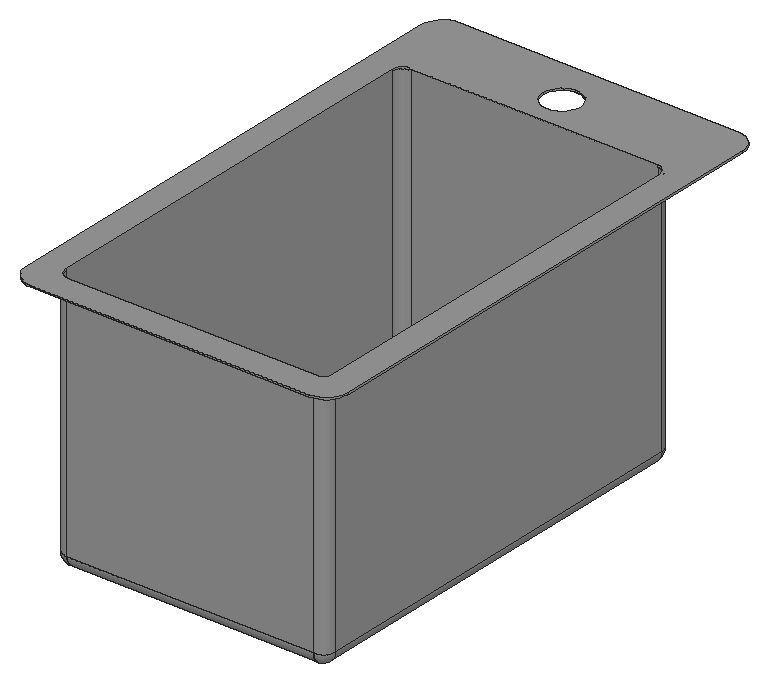
Revit family "BUILDMAT-SNGMTL021-Harper-300-Tap-Landing-Gunmetal", category Plumbing Fixtures, host Face, Revit 2026
Family settings
  Host = Face
  Round Connector Dimension = Use Diameter
  Part Type = Normal
  Enable Cutting in Views = No
  Cut with Voids When Loaded = No
  Maintain Annotation Orientation = No
  Shared = No
  Room Calculation Point = No
Parameters (values of type "Harper 300x500x250mm Brushed Gunmetal")
  Width = 250.0 mm
  Undermount [instance] = 0.0 mm
  URL = "https://www.buildmat.com.au/products/harper-300-single-bowl-tap-landing-sink"
  Model = "TLAN021"  # constant formula
  Manufacturer URL = "https://www.buildmat.com.au/"
  Manufacturer = "BUILDMAT"  # constant formula
  Length = 400.0 mm
  Description = "BUILDMAT - Harper 300x500 Single Bowl with Tap Landing Sink"  # constant formula
  Depth = 250.0 mm
  Default Elevation = 1219.2 mm
  Created By URL = "https://www.buildmat.com.au/"
  Created By = "BUILDMAT"  # constant formula
  Created = "22.06.2022"  # constant formula
  Material = BUILDMAT Gunmetal
Reference planes
  plane 1 "Center (Front/Back)": y = 0
  plane 2: z = 0
  plane 3 "Center (Left/Right)": x = 0
  plane 4 "Top Substrate": z = 0
  plane 5 "Left": x = -125
  plane 6 "Right": x = 125
  plane 7 "Back": y = 200
  plane 8 "Front": y = -200
  plane 9: x = -150
  plane 10: x = 150
  plane 11: y = -225
  plane 12: y = 275
  plane 13 "Bottom Void": z = -250
  plane 14: z = 1.5
  plane 15: x = -126.5
  plane 16: y = -201.5
  plane 17: x = 126.5
  plane 18: y = 201.5
  plane 19: z = -240
  plane 20: z = -230
  plane 21: x = -115
  plane 22: x = 115
  plane 23: y = -190
  plane 24: y = 190
  plane 25: z = -245
  plane 26: z = -241.5
  plane 27: z = -246.5
  plane 28: x = -100
  plane 29: x = 100
  plane 30 "Sound Pad": z = -130
  plane 31 "Front Bracket": y = -100
  plane 32 "Back Bracket": y = 100
  plane 33: x = -25
  plane 34: x = 25
  plane 35: x = -57
  plane 36: x = 57
  plane 37: x = -45
  plane 38: x = 45
  plane 39: y = 232
  plane 40: y = 251.5
  plane 41: x = -138.2
  plane 42: z = -15
  plane 43: x = 138.2
  plane 44: x = -136.7
  plane 45: x = 136.7
Forms (mm)
  Extrusion 1, void
    sketch origin (0, 0, 0) x (1, 0, 0) y (0, 1, 0)
      loop
        arc (-115, 200) -> (-122.071, 197.071) -> (-125, 190) r 10
        line (-125, 190) -> (-125, -190)
        arc (-125, -190) -> (-122.071, -197.071) -> (-115, -200) r 10
        line (-115, -200) -> (115, -200)
        arc (115, -200) -> (122.071, -197.071) -> (125, -190) r 10
        line (125, -190) -> (125, 190)
        arc (125, 190) -> (122.071, 197.071) -> (115, 200) r 10
        line (115, 200) -> (-115, 200)
    from 0 to 1.5
  Extrusion 2, void
    sketch origin (0, 0, 0) x (1, 0, 0) y (0, 1, 0)
      loop
        line (-126.5, 201.5) -> (-126.5, -201.5) -> (126.5, -201.5) -> (126.5, 201.5) -> (-126.5, 201.5)
    from 0 to -250
  Extrusion 3, void
    sketch origin (0, 0, 0) x (1, 0, 0) y (0, 1, 0)
      loop
        arc (-130, 275) -> (-144.142, 269.142) -> (-150, 255) r 20
        line (-150, 255) -> (-150, -205)
        arc (-150, -205) -> (-144.142, -219.142) -> (-130, -225) r 20
        line (-130, -225) -> (130, -225)
        arc (130, -225) -> (144.142, -219.142) -> (150, -205) r 20
        line (150, -205) -> (150, 255)
        arc (150, 255) -> (144.142, 269.142) -> (130, 275) r 20
        line (130, 275) -> (-130, 275)
    from 1.5 to 0
  Extrusion 4, solid, material "BUILDMAT Gunmetal" <- "Material"
    sketch origin (0, 0, 0) x (-1, 0, 0) y (0, -1, 0)
      loop
        arc (130, -275) -> (144.142, -269.142) -> (150, -255) r 20
        line (150, -255) -> (150, 205)
        arc (150, 205) -> (144.142, 219.142) -> (130, 225) r 20
        line (130, 225) -> (-130, 225)
        arc (-130, 225) -> (-144.142, 219.142) -> (-150, 205) r 20
        line (-150, 205) -> (-150, -255)
        arc (-150, -255) -> (-144.142, -269.142) -> (-130, -275) r 20
        line (-130, -275) -> (130, -275)
      loop
        arc (115, -200) -> (122.071, -197.071) -> (125, -190) r 10
        line (125, -190) -> (125, 190)
        arc (125, 190) -> (122.071, 197.071) -> (115, 200) r 10
        line (115, 200) -> (-115, 200)
        arc (-115, 200) -> (-122.071, 197.071) -> (-125, 190) r 10
        line (-125, 190) -> (-125, -190)
        arc (-125, -190) -> (-122.071, -197.071) -> (-115, -200) r 10
        line (-115, -200) -> (115, -200)
    from 0 to 1.5
  Extrusion 5, solid, material "BUILDMAT Gunmetal" <- "Material"
    sketch origin (0, 0, 0) x (-1, 0, 0) y (0, -1, 0)
      loop
        arc (115, -201.5) -> (123.132, -198.132) -> (126.5, -190) r 11.5
        line (126.5, -190) -> (126.5, 190)
        arc (126.5, 190) -> (123.132, 198.132) -> (115, 201.5) r 11.5
        line (115, 201.5) -> (-115, 201.5)
        arc (-115, 201.5) -> (-123.132, 198.132) -> (-126.5, 190) r 11.5
        line (-126.5, 190) -> (-126.5, -190)
        arc (-126.5, -190) -> (-123.132, -198.132) -> (-115, -201.5) r 11.5
        line (-115, -201.5) -> (115, -201.5)
      loop
        arc (-115, 200) -> (-122.071, 197.071) -> (-125, 190) r 10
        line (-125, 190) -> (-125, -190)
        arc (-125, -190) -> (-122.071, -197.071) -> (-115, -200) r 10
        line (-115, -200) -> (115, -200)
        arc (115, -200) -> (122.071, -197.071) -> (125, -190) r 10
        line (125, -190) -> (125, 190)
        arc (125, 190) -> (122.071, 197.071) -> (115, 200) r 10
        line (115, 200) -> (-115, 200)
    from 0 to -230
  Revolve 6, solid, material "BUILDMAT Gunmetal" <- "Material"
    sketch origin (-175.162, 190, 1219.2) x (-1, 0, 0) y (0, 0, 1)
      loop
        line (-300.162, -1449.2) -> (-301.662, -1449.2)
        arc (-301.662, -1449.2) -> (-298.293, -1457.332) -> (-290.162, -1460.7) r 11.5
        line (-290.162, -1460.7) -> (-290.162, -1459.2)
        arc (-290.162, -1459.2) -> (-297.233, -1456.271) -> (-300.162, -1449.2) r 10
      axis (-290.162, -1460.7) -> (-290.162, -1449.2)
    angle from 0 to -90
  Revolve 7, solid, material "BUILDMAT Gunmetal" <- "Material"
    sketch origin (-175.162, 190, 1219.2) x (-1, 0, 0) y (0, 0, 1)
      loop
        arc (-50.162, -1449.2) -> (-53.091, -1456.271) -> (-60.162, -1459.2) r 10
        line (-60.162, -1459.2) -> (-60.162, -1460.7)
        arc (-60.162, -1460.7) -> (-52.03, -1457.332) -> (-48.662, -1449.2) r 11.5
        line (-48.662, -1449.2) -> (-50.162, -1449.2)
      axis (-60.162, -1449.2) -> (-60.162, -1460.7)
    angle from 0 to -90
  Revolve 8, solid, material "BUILDMAT Gunmetal" <- "Material"
    sketch origin (-175.162, -190, 1219.2) x (-1, 0, 0) y (0, 0, 1)
      loop
        arc (-50.162, -1449.2) -> (-53.091, -1456.271) -> (-60.162, -1459.2) r 10
        line (-60.162, -1459.2) -> (-60.162, -1460.7)
        arc (-60.162, -1460.7) -> (-52.03, -1457.332) -> (-48.662, -1449.2) r 11.5
        line (-48.662, -1449.2) -> (-50.162, -1449.2)
      axis (-60.162, -1449.2) -> (-60.162, -1460.7)
    angle from 0 to 90
  Revolve 9, solid, material "BUILDMAT Gunmetal" <- "Material"
    sketch origin (-175.162, -190, 1219.2) x (-1, 0, 0) y (0, 0, 1)
      loop
        line (-300.162, -1449.2) -> (-301.662, -1449.2)
        arc (-301.662, -1449.2) -> (-298.293, -1457.332) -> (-290.162, -1460.7) r 11.5
        line (-290.162, -1460.7) -> (-290.162, -1459.2)
        arc (-290.162, -1459.2) -> (-297.233, -1456.271) -> (-300.162, -1449.2) r 10
      axis (-290.162, -1449.2) -> (-290.162, -1460.7)
    angle from 0 to 90
  Extrusion 10, solid, material "BUILDMAT Gunmetal" <- "Material"
    sketch origin (0, 0, 0) x (1, 0, 0) y (0, 0, 1)
      loop
        line (-125, -230) -> (-126.5, -230)
        arc (-126.5, -230) -> (-123.132, -238.132) -> (-115, -241.5) r 11.5
        line (-115, -241.5) -> (-115, -240)
        arc (-115, -240) -> (-122.071, -237.071) -> (-125, -230) r 10
    from -190 to 190
  Extrusion 11, solid, material "BUILDMAT Gunmetal" <- "Material"
    sketch origin (0, 0, 0) x (1, 0, 0) y (0, 0, 1)
      loop
        arc (125, -230) -> (122.071, -237.071) -> (115, -240) r 10
        line (115, -240) -> (115, -241.5)
        arc (115, -241.5) -> (123.132, -238.132) -> (126.5, -230) r 11.5
        line (126.5, -230) -> (125, -230)
    from -190 to 190
  Extrusion 12, solid, material "BUILDMAT Gunmetal" <- "Material"
    sketch origin (0, 0, 0) x (0, 1, 0) y (0, 0, 1)
      loop
        arc (200, -230) -> (197.071, -237.071) -> (190, -240) r 10
        line (190, -240) -> (190, -241.5)
        arc (190, -241.5) -> (198.132, -238.132) -> (201.5, -230) r 11.5
        line (201.5, -230) -> (200, -230)
    from -115 to 115
  Extrusion 13, solid, material "BUILDMAT Gunmetal" <- "Material"
    sketch origin (0, 0, 0) x (0, 1, 0) y (0, 0, 1)
      loop
        line (-200, -230) -> (-201.5, -230)
        arc (-201.5, -230) -> (-198.132, -238.132) -> (-190, -241.5) r 11.5
        line (-190, -241.5) -> (-190, -240)
        arc (-190, -240) -> (-197.071, -237.071) -> (-200, -230) r 10
    from -115 to 115
  Revolve 14, solid, material "BUILDMAT Gunmetal" <- "Material"
    sketch origin (0, 0, 0) x (1, 0, 0) y (0, 0, 1)
      loop
        line (-45, -250) -> (-45, -248.5)
        spline (-45, -248.5) -> (-46.484, -248.459) -> (-47.939, -248.339) -> (-49.337, -248.141) -> (-50.649, -247.871) -> (-51.848, -247.537) -> (-52.908, -247.151) -> (-53.805, -246.726) -> (-54.514, -246.283) -> (-55.023, -245.856) -> (-55.329, -245.483) -> (-55.468, -245.202) -> (-55.5, -245)
        line (-55.5, -245) -> (-57, -245)
        spline (-57, -245) -> (-56.897, -245.653) -> (-56.591, -246.294) -> (-56.087, -246.913) -> (-55.392, -247.5) -> (-54.52, -248.044) -> (-53.485, -248.536) -> (-52.305, -248.967) -> (-51, -249.33) -> (-49.592, -249.619) -> (-48.106, -249.83) -> (-46.566, -249.957) -> (-45, -250)
      axis (0, -245) -> (0, -250)
    angle from 0 to 360
  Blend 15, solid, material "BUILDMAT Gunmetal" <- "Material"
    base sketch origin (0, 0, 0) x (-1, 0, 0) y (0, -1, 0)
      loop
        circle (0, 0) r 57
    top sketch origin (0, 0, 0) x (-1, 0, 0) y (0, -1, 0)
      loop
        line (115, -190) -> (115, 190) -> (-115, 190) -> (-115, -190) -> (115, -190)
    from -246.5 to -241.5
  Blend 16, void
    base sketch origin (0, 0, 0) x (-1, 0, 0) y (0, -1, 0)
      loop
        circle (0, 0) r 57
    top sketch origin (0, 0, 0) x (-1, 0, 0) y (0, -1, 0)
      loop
        line (115, -190) -> (115, 190) -> (-115, 190) -> (-115, -190) -> (115, -190)
    from -245 to -240
  Extrusion 17, solid, material "BUILDMAT Gunmetal" <- "Material"
    sketch origin (0, 0, 0) x (-1, 0, 0) y (0, -1, 0)
      loop
        line (115, -190) -> (115, 190) -> (-115, 190) -> (-115, -190) -> (115, -190)
    from -241.5 to -240
  Extrusion 18, void
    sketch origin (0, 0, 0) x (-1, 0, 0) y (0, -1, 0)
      loop
        circle (0, 0) r 57
    from -250 to -230
  Extrusion 19, void
    sketch origin (0, 0, 0) x (-1, 0, 0) y (0, -1, 0)
      loop
        circle (0, -232) r 17.5
    from 0 to 100
Cuts and joins
  Extrusion 19 cuts Extrusion 4
  Extrusion 19 cuts Extrusion 5
  joined: Extrusion 4, Extrusion 5
  joined: Revolve 6, Revolve 9
  joined: Revolve 7, Revolve 8
  Blend 16, Extrusion 18 cuts Blend 15
  Blend 16, Extrusion 18 cuts Extrusion 17
  joined: Blend 15, Extrusion 17
Lines and regions (mm)
  Masking region 1
    outline origin (0, 0, 0) x (1, 0, 0) y (0, 0, 1)
      loop
        line (125, 0) -> (-125, 0) -> (-125, -230)
        arc (-125, -230) -> (-122.071, -237.071) -> (-115, -240) r 10
        line (-115, -240) -> (-57, -245) -> (57, -245) -> (115, -240)
        arc (115, -240) -> (122.071, -237.071) -> (125, -230) r 10
        line (125, -230) -> (125, 0)
  Masking region 2
    outline origin (0, 0, 0) x (1, 0, 0) y (0, 0, 1)
      loop
        line (-100, -242.793) -> (-100, -250) -> (-57, -250) -> (-57, -246.5) -> (-100, -242.793)
  Masking region 3
    outline origin (0, 0, 0) x (1, 0, 0) y (0, 0, 1)
      loop
        line (57, -246.5) -> (57, -250) -> (100, -250) -> (100, -242.793) -> (57, -246.5)
  Masking region 4
    outline origin (0, 0, 0) x (1, 0, 0) y (0, 0, 1)
      loop
        line (-138.2, 0) -> (-138.2, -15) -> (-136.7, -15) -> (-136.7, 0) -> (-138.2, 0)
  Masking region 5
    outline origin (0, 0, 0) x (1, 0, 0) y (0, 0, 1)
      loop
        line (136.7, 0) -> (136.7, -15) -> (138.2, -15) -> (138.2, 0) -> (136.7, 0)
Text (mm)
  text "Refer to www.buildmat.com.au for the most current product literature. \nAllow a +/- 5mm tolerance for dimensions shown in the product literature. \nPlease note product details are subject to change due to ongoing product development." at (0.056, -1035.857, 0), in view "Ref. Level"
Dimensions and locks
  "Undermount": plane 2 to plane 4 "Top Substrate"
  equal spacing: plane 5 "Left", plane 3 "Center (Left/Right)", plane 6 "Right"
  "Width": plane 5 "Left" to plane 6 "Right"
  "Length": plane 7 "Back" to plane 8 "Front"
  equal spacing: plane 7 "Back", plane 1 "Center (Front/Back)", plane 8 "Front"
  locked: plane 12 to plane 7 "Back" at 75
  locked: plane 8 "Front" to plane 11 at 25
  locked: plane 9 to plane 5 "Left" at 25
  locked: plane 6 "Right" to plane 10 at 25
  "Depth": plane 4 "Top Substrate" to plane 13 "Bottom Void"
  locked: plane 14 to plane 4 "Top Substrate" at 1.5
  locked: plane 18 to plane 7 "Back" at 1.5
  locked: plane 8 "Front" to plane 16 at 1.5
  plane 15 to plane 5 "Left" = 1.5 mm
  plane 6 "Right" to plane 17 = 1.5 mm
  plane 20 to plane 19 to plane 13 "Bottom Void" = 10.0 mm, 10.0 mm
  locked: plane 5 "Left" to plane 21 at 10
  locked: plane 22 to plane 6 "Right" at 10
  locked: plane 7 "Back" to plane 24 at 10
  locked: plane 23 to plane 8 "Front" at 10
  locked: plane 19 to plane 26 at 1.5
  locked: plane 25 to plane 13 "Bottom Void" at 5
  locked: plane 25 to plane 27 at 1.5
  plane 29 to plane 3 "Center (Left/Right)" to plane 28 = 100.0 mm locked, 100.0 mm locked
  locked: plane 30 "Sound Pad" to plane 13 "Bottom Void" at 120
  locked: plane 7 "Back" to plane 32 "Back Bracket" at 100
  locked: plane 31 "Front Bracket" to plane 8 "Front" at 100
  locked: plane 33 to plane 5 "Left" at 100
  locked: plane 6 "Right" to plane 34 at 100
  plane 37 to plane 3 "Center (Left/Right)" to plane 38 = 45.0 mm locked, 45.0 mm locked
  plane 35 to plane 3 "Center (Left/Right)" to plane 36 = 57.0 mm locked, 57.0 mm locked
  locked: plane 12 to plane 39 at 43
  locked: plane 40 to plane 18 at 50
  plane 44 to plane 41 to plane 9 = 1.5 mm locked, 11.8 mm locked
  plane 10 to plane 43 to plane 45 = 11.8 mm locked, 1.5 mm locked
  locked: plane 4 "Top Substrate" to plane 42 at 15
  aligned and locked: plane 2 to host face
  aligned and locked: level to host face
  aligned and locked: plane 8 "Front" to Extrusion 1 sketch curve
  aligned and locked: Extrusion 1 sketch curve to plane 7 "Back"
  aligned and locked: plane 5 "Left" to Extrusion 1 sketch curve
  aligned and locked: Extrusion 1 sketch curve to plane 6 "Right"
  aligned and locked: plane 2 to Extrusion 1
  aligned and locked: Extrusion 1 to plane 14
  aligned and locked: plane 16 to Extrusion 2 sketch curve
  aligned and locked: Extrusion 2 sketch curve to plane 18
  aligned and locked: plane 15 to Extrusion 2 sketch curve
  aligned and locked: plane 17 to Extrusion 2 sketch curve
  aligned and locked: Extrusion 2 to plane 13 "Bottom Void"
  aligned and locked: plane 4 "Top Substrate" to Extrusion 2
  aligned and locked: plane 11 to Extrusion 3 sketch curve
  aligned and locked: plane 9 to Extrusion 3 sketch curve
  aligned and locked: Extrusion 3 sketch curve to plane 10
  aligned and locked: Extrusion 3 sketch curve to plane 12
  aligned and locked: Extrusion 3 to plane 4 "Top Substrate"
  aligned and locked: plane 14 to Extrusion 3
  aligned and locked: plane 11 to Extrusion 4 sketch curve
  aligned and locked: Extrusion 4 sketch curve to plane 12
  aligned and locked: plane 9 to Extrusion 4 sketch curve
  aligned and locked: Extrusion 4 sketch curve to plane 10
  aligned and locked: plane 5 "Left" to Extrusion 4 sketch curve
  aligned and locked: Extrusion 4 sketch curve to plane 6 "Right"
  aligned and locked: Extrusion 4 sketch curve to plane 7 "Back"
  aligned and locked: plane 8 "Front" to Extrusion 4 sketch curve
  aligned and locked: Extrusion 5 sketch curve to plane 7 "Back"
  aligned and locked: plane 5 "Left" to Extrusion 5 sketch curve
  aligned and locked: Extrusion 5 sketch curve to plane 6 "Right"
  aligned and locked: plane 8 "Front" to Extrusion 5 sketch curve
  aligned and locked: plane 15 to Extrusion 5 sketch curve
  aligned and locked: plane 16 to Extrusion 5 sketch curve
  aligned and locked: plane 17 to Extrusion 5 sketch curve
  aligned and locked: Extrusion 5 sketch curve to plane 18
  aligned and locked: Extrusion 5 to plane 20
  aligned and locked: plane 4 "Top Substrate" to Extrusion 5
  aligned and locked: Extrusion 11 to plane 23
  aligned and locked: plane 24 to Extrusion 11
  aligned and locked: plane 24 to Extrusion 10
  aligned and locked: Extrusion 10 to plane 23
  aligned and locked: Extrusion 13 to plane 21
  aligned and locked: plane 22 to Extrusion 13
  aligned and locked: plane 22 to Extrusion 12
  aligned and locked: Extrusion 12 to plane 21
  aligned and locked: plane 21 to Blend 15 sketch curve
  aligned and locked: Blend 15 sketch curve to plane 22
  aligned and locked: plane 23 to Blend 15 sketch curve
  aligned and locked: Blend 15 sketch curve to plane 24
  aligned and locked: plane 27 to Blend 15
  aligned and locked: plane 26 to Blend 15
  aligned and locked: Blend 16 sketch curve to plane 24
  aligned and locked: plane 21 to Blend 16 sketch curve
  aligned and locked: Blend 16 sketch curve to plane 22
  aligned and locked: plane 23 to Blend 16 sketch curve
  aligned and locked: Blend 16 to plane 25
  aligned and locked: plane 19 to Blend 16
  aligned and locked: Extrusion 17 sketch curve to plane 24
  aligned and locked: plane 23 to Extrusion 17 sketch curve
  aligned and locked: plane 21 to Extrusion 17 sketch curve
  aligned and locked: Extrusion 17 sketch curve to plane 22
  aligned and locked: Extrusion 17 to plane 26
  aligned and locked: plane 19 to Extrusion 17
  aligned and locked: Extrusion 18 to plane 13 "Bottom Void"
  aligned and locked: plane 20 to Extrusion 18
  aligned and locked: cut or joined group of Blend 15, Blend 16, Extrusion 17, Extrusion 18 to Masking region 2 sketch curve
  aligned and locked: Masking region 3 sketch curve to cut or joined group of Blend 15, Blend 16, Extrusion 17, Extrusion 18
  aligned and locked: plane 3 "Center (Left/Right)" to nested 1
  aligned and locked: nested 1 to plane 30 "Sound Pad"
  aligned and locked: plane 31 "Front Bracket" to nested 3
  aligned and locked: plane 15 to nested 3
  aligned and locked: nested 5 to plane 31 "Front Bracket"
  aligned and locked: plane 17 to nested 5
  aligned and locked: nested 4 to plane 32 "Back Bracket"
  aligned and locked: plane 17 to nested 4
  aligned and locked: plane 32 "Back Bracket" to nested 2
  aligned and locked: plane 15 to nested 2
  aligned and locked: nested 6 to plane 4 "Top Substrate"
  aligned and locked: nested 6 to plane 33
  aligned and locked: nested 7 to plane 4 "Top Substrate"
  aligned and locked: nested 7 to plane 34
  aligned and locked: nested 10 to plane 33
  aligned and locked: nested 11 to plane 34
  aligned and locked: plane 16 to nested 10
  aligned and locked: plane 16 to nested 11
  aligned and locked: plane 33 to nested 8
  aligned and locked: plane 34 to nested 9
  aligned and locked: plane 23 to nested 12
  aligned and locked: plane 24 to nested 12
  aligned and locked: plane 22 to nested 12
  aligned and locked: plane 21 to nested 12
  aligned and locked: plane 3 "Center (Left/Right)" to nested 13
  aligned and locked: plane 1 "Center (Front/Back)" to nested 13
  aligned and locked: plane 4 "Top Substrate" to Masking region 1
  aligned and locked: nested 9 to plane 40
  aligned and locked: nested 8 to plane 40
  aligned and locked: Extrusion 19 to plane 4 "Top Substrate"
  aligned and locked: Masking region 4 sketch curve to plane 4 "Top Substrate"
  aligned and locked: Masking region 4 sketch curve to plane 42
  aligned and locked: Masking region 4 sketch curve to plane 41
  aligned and locked: Masking region 4 sketch curve to plane 44
  aligned and locked: Masking region 5 sketch curve to plane 4 "Top Substrate"
  aligned and locked: Masking region 5 sketch curve to plane 42
  aligned and locked: Masking region 5 sketch curve to plane 43
  aligned and locked: Masking region 5 sketch curve to plane 45
Automatic sketch dimensions
  host sketch curve to host sketch curve = 2438.4 mm  (x2)
  plane 5 "Left" to Extrusion 1 sketch curve = 10.0 mm  (x2)
  Extrusion 1 sketch curve to plane 6 "Right" = 10.0 mm  (x2)
  Extrusion 4 sketch curve to plane 10 = 20.0 mm  (x2)
  Extrusion 4 sketch curve to Extrusion 4 sketch curve = 10.0 mm  (x2)
  plane 5 "Left" to Extrusion 4 sketch curve = 10.0 mm
  plane 9 to Extrusion 4 sketch curve = 20.0 mm
  plane 8 "Front" to Extrusion 4 sketch curve = 10.0 mm
  plane 11 to Extrusion 4 sketch curve = 20.0 mm
  Extrusion 3 sketch curve to plane 5 "Left" = 5.0 mm
  plane 6 "Right" to Extrusion 3 sketch curve = 5.0 mm  (x2)
  plane 7 "Back" to Extrusion 3 sketch curve = 55.0 mm
  plane 5 "Left" to Extrusion 5 sketch curve = 10.0 mm
  Extrusion 5 sketch curve to plane 6 "Right" = 10.0 mm
  plane 8 "Front" to Extrusion 5 sketch curve = 10.0 mm
  Extrusion 5 sketch curve to plane 7 "Back" = 10.0 mm
  Extrusion 5 sketch curve to Extrusion 5 sketch curve = 0.0 mm  (x4)
  Revolve 6 sketch curve to Revolve 6 sketch curve = 0.0 mm  (x3)
  plane 17 to Revolve 6 sketch curve = 0.0 mm
  Revolve 6 sketch curve to plane 6 "Right" = 0.0 mm
  Revolve 6 sketch curve to plane 22 = 0.0 mm  (x2)
  Revolve 6 sketch curve to plane 19 = 0.0 mm
  Revolve 6 sketch curve to plane 20 = 0.0 mm
  Revolve 7 sketch curve to Revolve 7 sketch curve = 0.0 mm  (x3)
  Revolve 7 sketch curve to plane 20 = 0.0 mm  (x2)
  Revolve 7 sketch curve to plane 21 = 0.0 mm  (x2)
  Revolve 7 sketch curve to plane 5 "Left" = 0.0 mm
  Revolve 7 sketch curve to plane 15 = 0.0 mm
  Revolve 8 sketch curve to Revolve 8 sketch curve = 0.0 mm  (x3)
  Revolve 8 sketch curve to plane 20 = 0.0 mm  (x2)
  Revolve 8 sketch curve to plane 21 = 0.0 mm  (x2)
  Revolve 8 sketch curve to plane 5 "Left" = 0.0 mm
  Revolve 8 sketch curve to plane 15 = 0.0 mm
  Revolve 9 sketch curve to Revolve 9 sketch curve = 0.0 mm  (x3)
  plane 17 to Revolve 9 sketch curve = 0.0 mm
  Revolve 9 sketch curve to plane 6 "Right" = 0.0 mm
  Revolve 9 sketch curve to plane 22 = 0.0 mm  (x2)
  Revolve 9 sketch curve to plane 20 = 0.0 mm
  Revolve 9 sketch curve to plane 19 = 0.0 mm
  Extrusion 10 sketch curve to plane 15 = 0.0 mm
  Extrusion 10 sketch curve to plane 5 "Left" = 0.0 mm
  Extrusion 10 sketch curve to plane 19 = 0.0 mm
  Extrusion 10 sketch curve to plane 21 = 0.0 mm
  Extrusion 11 sketch curve to plane 20 = 0.0 mm
  Extrusion 11 sketch curve to plane 22 = 0.0 mm
  Extrusion 11 sketch curve to plane 6 "Right" = 0.0 mm
  plane 17 to Extrusion 11 sketch curve = 0.0 mm
  Extrusion 12 sketch curve to plane 20 = 0.0 mm
  Extrusion 12 sketch curve to plane 24 = 0.0 mm
  Extrusion 12 sketch curve to plane 7 "Back" = 0.0 mm
  Extrusion 12 sketch curve to plane 18 = 0.0 mm
  Extrusion 13 sketch curve to plane 16 = 0.0 mm
  Extrusion 13 sketch curve to plane 8 "Front" = 0.0 mm
  Extrusion 13 sketch curve to plane 23 = 0.0 mm
  Extrusion 13 sketch curve to plane 19 = 0.0 mm
  Revolve 14 sketch curve to plane 25 = 0.0 mm
  Revolve 14 sketch curve to plane 13 "Bottom Void" = 0.0 mm  (x2)
  Revolve 14 sketch curve to plane 3 "Center (Left/Right)" = 0.0 mm
  Revolve 14 sketch curve to plane 20 = 0.0 mm
  Revolve 14 sketch curve to plane 3 "Center (Left/Right)" = 45.0 mm
  Revolve 14 sketch curve to Revolve 14 sketch curve = 10.5 mm
  Revolve 14 sketch curve to Revolve 14 sketch curve = 1.5 mm  (x2)
  Revolve 14 sketch curve to Revolve 14 sketch curve = 0.0 mm
  plane 1 "Center (Front/Back)" to Blend 15 sketch curve = 0.0 mm
  Blend 15 sketch curve to plane 3 "Center (Left/Right)" = 0.0 mm
  plane 1 "Center (Front/Back)" to Blend 16 sketch curve = 0.0 mm
  Blend 16 sketch curve to plane 3 "Center (Left/Right)" = 0.0 mm
  plane 1 "Center (Front/Back)" to Extrusion 18 sketch curve = 0.0 mm
  Extrusion 18 sketch curve to plane 3 "Center (Left/Right)" = 0.0 mm
  Masking region 1 sketch curve to level = 0.0 mm
  Masking region 1 sketch curve to plane 20 = 0.0 mm
  Masking region 1 sketch curve to plane 21 = 0.0 mm
  Masking region 1 sketch curve to plane 25 = 0.0 mm
  Masking region 1 sketch curve to plane 3 "Center (Left/Right)" = 57.0 mm
  plane 3 "Center (Left/Right)" to Masking region 1 sketch curve = 57.0 mm
  Masking region 1 sketch curve to plane 19 = 0.0 mm
  Masking region 1 sketch curve to plane 22 = 0.0 mm
  Masking region 1 sketch curve to plane 6 "Right" = 0.0 mm
  Masking region 1 sketch curve to plane 5 "Left" = 0.0 mm
  Masking region 2 sketch curve to plane 28 = 0.0 mm
  Masking region 2 sketch curve to plane 13 "Bottom Void" = 0.0 mm
  Masking region 2 sketch curve to plane 27 = 0.0 mm
  Masking region 3 sketch curve to plane 27 = 0.0 mm
  Masking region 3 sketch curve to plane 13 "Bottom Void" = 0.0 mm
  Masking region 3 sketch curve to plane 29 = 0.0 mm
  Extrusion 19 sketch curve to plane 3 "Center (Left/Right)" = 0.0 mm
  Extrusion 19 sketch curve to plane 39 = 0.0 mm
  radius of Blend 15 sketch curve = 57.0 mm
  radius of Blend 16 sketch curve = 57.0 mm
  radius of Extrusion 18 sketch curve = 57.0 mm
  radius of Extrusion 19 sketch curve = 17.5 mm
Nested families
  nested 1: "SP_Front" at (0, 0, -130) x (1, 0, 0) z (0, -1, 0), type "SP_Front", not visible
  nested 2: "TMB_Plan" at (-126.5, 100, 0) x (0, 1, 0) z (0, 0, 1), type "TMB_Plan"
  nested 3: "TMB_Plan" at (-126.5, -100, 0) x (0, 1, 0) z (0, 0, 1), type "TMB_Plan"
  nested 4: "TMB_Plan" at (126.5, 100, 0) x (0, -1, 0) z (0, 0, 1), type "TMB_Plan"
  nested 5: "TMB_Plan" at (126.5, -100, 0) x (0, -1, 0) z (0, 0, 1), type "TMB_Plan"
  nested 6: "TMB_Front" at (-25, 0, 0) x (1, 0, 0) z (0, -1, 0), type "TMB_Front"
  nested 7: "TMB_Front" at (25, 0, 0) x (1, 0, 0) z (0, -1, 0), type "TMB_Front"
  nested 8: "TMB_Plan" at (-25, 251.5, 0), type "TMB_Plan"
  nested 9: "TMB_Plan" at (25, 251.5, 0), type "TMB_Plan"
  nested 10: "TMB_Plan" at (-25, -201.5, 0) x (-1, 0, 0) z (0, 0, 1), type "TMB_Plan"
  nested 11: "TMB_Plan" at (25, -201.5, 0) x (-1, 0, 0) z (0, 0, 1), type "TMB_Plan"
  nested 12: "BOWL Plan" at (0, 0, -130), type "BOWL Plan"
    with Width 230.0 mm, Lenght 380.0 mm
  nested 13: "DRAIN" at (0, 0, 0), type "DRAIN"
Definition of nested family "SP_Front"
  Reference planes
    plane 1 "Center (Elevation)": y = 0
    plane 2: z = 0
    plane 3 "Center (Left/Right)": x = 0
  Lines and regions (mm)
    Masking region 1, in view "Ref. Level"
      outline origin (0, 0, 0) x (1, 0, 0) y (0, 1, 0)
        loop
          arc (-50, 40) -> (-57.071, 37.071) -> (-60, 30) r 10
          line (-60, 30) -> (-60, -30)
          arc (-60, -30) -> (-57.071, -37.071) -> (-50, -40) r 10
          line (-50, -40) -> (50, -40)
          arc (50, -40) -> (57.071, -37.071) -> (60, -30) r 10
          line (60, -30) -> (60, 30)
          arc (60, 30) -> (57.071, 37.071) -> (50, 40) r 10
          line (50, 40) -> (-50, 40)
    detail lines, in view "Ref. Level"
      curve 1: line (-50, 40, 0) -> (50, 40, 0)
      curve 2: line (50, -40, 0) -> (-50, -40, 0)
      curve 3: line (60, 30, 0) -> (60, -30, 0)
      curve 4: line (-60, 30, 0) -> (-60, -30, 0)
      curve 5: arc (-50, 40, 0) -> (-57.071, 37.071, 0) -> (-60, 30, 0) r 10
      curve 6: arc (-60, -30, 0) -> (-57.071, -37.071, 0) -> (-50, -40, 0) r 10
      curve 7: arc (50, -40, 0) -> (57.071, -37.071, 0) -> (60, -30, 0) r 10
      curve 8: arc (60, 30, 0) -> (57.071, 37.071, 0) -> (50, 40, 0) r 10
  Dimensions and locks
    aligned and locked: Masking region 1 sketch curve to curve 1
    aligned and locked: Masking region 1 sketch curve to curve 4
    aligned and locked: Masking region 1 sketch curve to curve 2
    aligned and locked: Masking region 1 sketch curve to curve 3
Definition of nested family "TMB_Plan"
  Reference planes
    plane 1 "Center (Front/Back)": y = 0
    plane 2: z = 0
    plane 3 "Center (Left/Right)": x = 0
  Lines and regions (mm)
    detail lines, in view "Ref. Level"
      curve 1: line (-17.5, 0, 0) -> (17.5, 0, 0)
      curve 2: line (17.5, 0, 0) -> (17.5, 5, 0)
      curve 3: line (17.5, 5, 0) -> (12.5, 5, 0)
      curve 4: line (-17.5, 0, 0) -> (-17.5, 5, 0)
      curve 5: line (-17.5, 5, 0) -> (-12.5, 5, 0)
Definition of nested family "TMB_Front"
  Reference planes
    plane 1 "Center (Elevation)": y = 0
    plane 2: z = 0
    plane 3 "Center (Left/Right)": x = 0
  Lines and regions (mm)
    Masking region 1, in view "Ref. Level"
      outline origin (0, 0, 0) x (1, 0, 0) y (0, 1, 0)
        loop
          line (-17.5, 0) -> (-17.5, -80) -> (17.5, -80) -> (17.5, 0) -> (-17.5, 0)
    detail lines, in view "Ref. Level"
      curve 1: line (-17.5, 0, 0) -> (-17.5, -80, 0)
      curve 2: line (-17.5, -80, 0) -> (17.5, -80, 0)
      curve 3: line (17.5, -80, 0) -> (17.5, 0, 0)
      curve 4: line (-12.5, -50, 0) -> (12.5, -50, 0)
      curve 5: line (-12.5, -75, 0) -> (-12.5, -50, 0)
      curve 6: line (12.5, -75, 0) -> (-12.5, -75, 0)
      curve 7: line (12.5, -50, 0) -> (12.5, -75, 0)
Definition of nested family "BOWL Plan"
  Parameters (values of type "BOWL Plan")
    Width [instance] = 600.0 mm
    Lenght [instance] = 400.0 mm
  Reference planes
    plane 1 "Center (Front/Back)": y = 0
    plane 2: z = 0
    plane 3 "Center (Left/Right)": x = 0
    plane 4 "Left": x = -300
    plane 5 "Right": x = 300
    plane 6 "Back": y = 200
    plane 7 "Front": y = -200
  Lines and regions (mm)
    Masking region 1, in view "Ref. Level"
      outline origin (0, 0, 0) x (1, 0, 0) y (0, 1, 0)
        loop
          line (-300, 200) -> (-300, -200) -> (300, -200) -> (300, 200) -> (-300, 200)
    detail lines, in view "Ref. Level"
      curve 1: line (-300, 200, 0) -> (300, -200, 0)
      curve 2: line (-300, -200, 0) -> (300, 200, 0)
  Dimensions and locks
    equal spacing: plane 6 "Back", plane 1 "Center (Front/Back)", plane 7 "Front"
    "Lenght": plane 6 "Back" to plane 7 "Front"
    equal spacing: plane 4 "Left", plane 3 "Center (Left/Right)", plane 5 "Right"
    "Width": plane 4 "Left" to plane 5 "Right"
    aligned and locked: plane 4 "Left" to Masking region 1 sketch curve
    aligned and locked: Masking region 1 sketch curve to plane 5 "Right"
    aligned and locked: plane 7 "Front" to Masking region 1 sketch curve
    aligned and locked: Masking region 1 sketch curve to plane 6 "Back"
  Automatic sketch dimensions
    curve 2 to plane 4 "Left" = 0.0 mm
    curve 1 to plane 4 "Left" = 0.0 mm
    curve 2 to plane 5 "Right" = 0.0 mm
    curve 1 to plane 5 "Right" = 0.0 mm
    curve 1 to plane 7 "Front" = 0.0 mm
    curve 2 to plane 7 "Front" = 0.0 mm
    curve 2 to plane 6 "Back" = 0.0 mm
    curve 1 to plane 6 "Back" = 0.0 mm
Definition of nested family "DRAIN"
  Reference planes
    plane 1 "Center (Front/Back)": y = 0
    plane 2: z = 0
    plane 3 "Center (Left/Right)": x = 0
  Lines and regions (mm)
    Masking region 1, in view "Ref. Level"
      outline origin (0, 0, 0) x (1, 0, 0) y (0, 1, 0)
        loop
          circle (0, 0) r 57
    detail lines, in view "Ref. Level"
      curve 1: circle (0, 0, 0) r 45 normal (0, 0, 1)
      curve 2: circle (0, 0, 0) r 55.5 normal (0, 0, 1)
